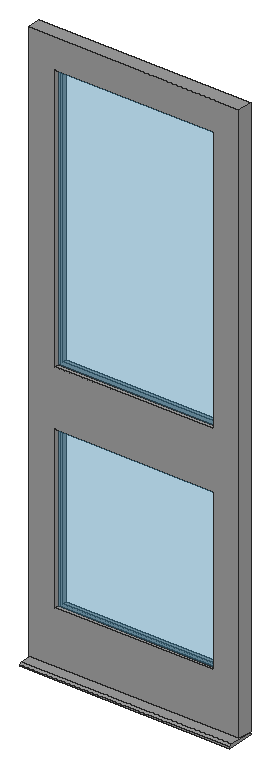
Revit family "MS-375TC DOOR-1-PD-SF_v05", category Curtain Panels, Revit 2015
Parameters
  Width [instance] = 3' - 2"
  URL = "obe.com\r\nobe.com"
  Rough Width [instance] = 3' - 0"
  Offset [instance] = 0' - 0"
  Model = "MS-375TC DOOR"
  Min-Max Rough Width [instance] = if(and((Rough Width > 2' 11 255/256"), (Rough Width < 3' 6 1/256")), Rough Width, 3' 0")  # 3' - 0"
  Manufacturer = "Oldcastle BuildingEnvelope®"
  Keynote = "08 11 00"
  Height [instance] = 8' - 0"
  Pushbar Height [instance] = 3' - 5 1/4"  # constant formula
  Glass Material = Glass
  Frame Material = Aluminum
  Door Panel Height [instance] = Height + 0' 0 19/32"  # 8' - 0 19/32"
  Description = "MS-375TC - 1\" Door Infill"
  Assembly Code = "B2030"
  Analytic Construction = "<None>"
  8 Muntin [instance] = not([4 Muntin])  # yes
  4 Muntin [instance] = no
  8 Bottom Rail [instance] = yes
  10 Bottom Rail [instance] = not([8 Bottom Rail])  # no
Reference planes (in)
  plane 1 "Front": y = 0
  plane 2: z = 0
  plane 3 "Center (Left/Right)": x = 0
  plane 4 "Left": x = -19
  plane 5 "Right": x = 19
  plane 6 "Top": z = 96
  plane 7: x = -18
  plane 8: x = 18
Text (in)
  text "Exterior" at (-54.29358, 31.38743, 0), in view "Ref. Level"
  text "Exterior" at (480, 41.53993, 89.60405), in view "Right"
  text "Exterior" at (-240, 57.82419, 105.78864), in view "Left"
Dimensions and locks (in)
  equal spacing: plane 4 "Left", plane 3 "Center (Left/Right)", plane 5 "Right"
  "Width": plane 4 "Left" to plane 5 "Right"
  "Height": plane 6 "Top" to plane 2
  equal spacing: plane 7, plane 3 "Center (Left/Right)", plane 8
  "Min-Max Rough Width": plane 7 to plane 8
  aligned and locked: level to plane 2
  aligned and locked: plane 3 "Center (Left/Right)" to nested 1
  aligned and locked: plane 1 "Front" to nested 1
Nested families (in)
  nested 1: "MS-375TC DOOR-1-PD-Panel_v04" at (0, -18, 0), Frame Material <- "Frame Material", Glass Material <- "Glass Material", 4 Muntin <- "4 Muntin", 8 Muntin <- "8 Muntin", 8 Bottom Rail <- "8 Bottom Rail", Height <- "Door Panel Height", Width <- "Min-Max Rough Width", Offset <- "Offset", type "MS-375TC DOOR-1-PD-Panel"
    with built-in parameter 1001301 3' - 0", Pushbar Height 3' - 5 1/4", Offset 0' - 0", built-in parameter 1001300 8' - 0 19/32", Glass at Muntin 0' - 8 9/16", Glass Material Glass, Frame Material Aluminum, Bottom Rail 0' - 8 29/32", 8 Muntin yes, 8 Bottom Rail yes, 4 Muntin no, 10 Bottom Rail no
Definition of nested family "MS-375TC DOOR-1-PD-Panel_v04"
  Parameters (values of type "MS-375TC DOOR-1-PD-Panel")
    Width [instance] = 3' - 0"
    Pushbar Height [instance] = 3' - 5 1/4"  # constant formula
    Offset [instance] = 0' - 0 7/8"
    Height [instance] = 8' - 0"
    Glass at Muntin [instance] = if([4 Muntin], 0' 4 9/16", 0' 8 9/16")  # 0' - 4 9/16"
    Glass Material [instance] = none
    Frame Material [instance] = none
    Bottom Rail [instance] = if([10 Bottom Rail], 0' 10 29/32", 0' 8 29/32")  # 0' - 8 29/32"
    Analytic Construction = "<None>"
    8 Muntin [instance] = not([4 Muntin])  # no
    4 Muntin [instance] = yes
    8 Bottom Rail [instance] = yes
    10 Bottom Rail [instance] = not([8 Bottom Rail])  # no
  Reference planes (in)
    plane 1 "00": y = 15.875
    plane 2: z = 0
    plane 3 "Center (Left/Right)": x = 0
    plane 4: z = 96
    plane 5: x = -18
    plane 6: x = 18
    plane 7 "Center (Front/Back)": y = 18
    plane 8 "Exterior": y = 16.375
    plane 9: z = 48
    plane 10: z = 92.96875
    plane 11: z = 90.94129
    plane 12: z = 8.90625
    plane 13: z = 38.96875
    plane 14: z = 43.53125
    plane 15: x = -13.81629
    plane 16: x = 13.81629
    plane 17: y = 17.125
    plane 18: z = 41.25
  Forms (in)
    Sweep 1, solid, material <- "Frame Material"
      path origin (0, 15.875, 0) x (1, 0, 0) y (0, 0, 1)
        loop
          line (-17.74884, 96) -> (17.74884, 96)
      profile origin (0, 15.875, 96) x (0, 0, 1) y (0, -1, 0)
        loop
          line (-0.59375, -1.12355) -> (-0.59375, 1.12745) -> (-5.46871, 1.12745) -> (-5.46871, 0.5) -> (-5.05871, 0.5) -> (-5.05871, -0.5) -> (-5.46871, -0.5) -> (-5.46871, -1.12355) -> (-0.59375, -1.12355)
    Sweep 2, solid, material <- "Frame Material"
      path origin (0, 15.875, 0) x (1, 0, 0) y (0, 0, 1)
        loop
          line (17.74884, 0) -> (-17.74884, 0)
      profile origin (0, 15.875, 0) x (0, 0, -1) y (0, -1, 0)
        loop
          line (-9.4375, -0.5) -> (-9.4375, -1.12355) -> (-0.68754, -1.12355) -> (-0.68754, 1.12745) -> (-9.4375, 1.12745) -> (-9.4375, 0.5) -> (-8.90625, 0.5) -> (-8.90625, -0.5) -> (-9.4375, -0.5)
        loop
          line (-0.5, -0.86664) -> (-0.24955, -1.36755) -> (-0.00001, -1.36755) -> (-0.00001, 3.13245) -> (-0.24955, 3.13245) -> (-0.5, 2.63155) -> (-0.5, -0.86664)
    Sweep 3, solid, material <- "Frame Material"
      path origin (0, 15.875, 0) x (1, 0, 0) y (0, 0, 1)
        loop
          line (18, 95.40625) -> (18, 0.68754)
      profile origin (18, 15.875, 48.0469) x (0, -1, 0) y (1, 0, 0)
        loop
          line (1.12745, -4.59371) -> (1.12745, -0.25116) -> (-1.12355, -0.09375) -> (-1.12355, -4.59371) -> (-0.5, -4.59371) -> (-0.5, -4.18371) -> (0.5, -4.18371) -> (0.5, -4.59371) -> (1.12745, -4.59371)
    Sweep 4, solid, material <- "Frame Material"
      path origin (0, 15.875, 0) x (1, 0, 0) y (0, 0, 1)
        loop
          line (-18, 95.40625) -> (-18, 0.68754)
      profile origin (-18, 15.875, 48.0469) x (0, -1, 0) y (1, 0, 0)
        loop
          line (-1.125, 0.09365) -> (1.12745, 0.25116) -> (1.12745, 4.59371) -> (0.5, 4.59371) -> (0.5, 4.18371) -> (-0.5, 4.18371) -> (-0.5, 4.59371) -> (-1.125, 4.59371) -> (-1.125, 0.09365)
    Sweep 5, solid, material <- "Frame Material"
      path origin (0, 15.875, 0) x (1, 0, 0) y (0, 0, 1)
        loop
          line (17.74884, 48) -> (-17.74884, 48)
      profile origin (0, 15.875, 48) x (0, 0, -1) y (0, -1, 0)
        loop
          line (9.43671, 1.12745) -> (3.93679, 1.12745) -> (3.93679, 0.5) -> (4.46875, 0.5) -> (4.46875, -0.5) -> (3.93679, -0.5) -> (3.93679, -1.12355) -> (9.43671, -1.12355) -> (9.43671, -0.5) -> (9.03125, -0.5) -> (9.03125, 0.5) -> (9.43671, 0.5) -> (9.43671, 1.12745)
    Extrusion 6, solid, material <- "Glass Material", detail levels coarse
      sketch origin (0, 0, 0) x (1, 0, 0) y (0, 1, 0)
        loop
          line (-13.81629, 16.375) -> (-13.81629, 15.375) -> (13.81629, 15.375) -> (13.81629, 16.375) -> (-13.81629, 16.375)
      from 43.53125 to 90.94129
    Extrusion 7, solid, material <- "Glass Material", detail levels medium+fine
      sketch origin (0, -3.25, 0) x (1, 0, 0) y (0, 1, 0)
        loop
          line (-13.81629, 18.625) -> (13.81629, 18.625) -> (13.81629, 18.873) -> (-13.81629, 18.873) -> (-13.81629, 18.625)
        loop
          line (13.81629, 19.625) -> (-13.81629, 19.625) -> (-13.81629, 19.377) -> (13.81629, 19.377) -> (13.81629, 19.625)
      from 43.53125 to 90.94129
    Extrusion 8, solid, material <- "Glass Material", detail levels coarse
      sketch origin (0, 0, 0) x (1, 0, 0) y (0, 1, 0)
        loop
          line (-13.81629, 16.375) -> (-13.81629, 15.375) -> (13.81629, 15.375) -> (13.81629, 16.375) -> (-13.81629, 16.375)
      from 8.90625 to 38.96875
    Extrusion 9, solid, material <- "Glass Material", detail levels medium+fine
      sketch origin (0, 0, 0) x (1, 0, 0) y (0, 1, 0)
        loop
          line (-13.81629, 16.375) -> (-13.81629, 16.127) -> (13.81629, 16.127) -> (13.81629, 16.375) -> (-13.81629, 16.375)
        loop
          line (-13.81629, 15.623) -> (-13.81629, 15.375) -> (13.81629, 15.375) -> (13.81629, 15.623) -> (-13.81629, 15.623)
      from 8.90625 to 38.96875
  Cuts and joins
    joined: Sweep 1, Sweep 2, Sweep 3, Sweep 4, Sweep 5
  Lines and regions (in)
    model lines
      curve 1: line (13.81629, 16.375, 90.94129) -> (-13.40629, 16.375, 48)
      curve 2: line (-13.40629, 16.375, 48) -> (13.81629, 16.375, 8.90625)
  Dimensions and locks (in)
    "Offset": plane 17 to plane 7 "Center (Front/Back)"
    plane 1 "00" to plane 8 "Exterior" to plane 17 = 0' - 0 1/2" locked, 0' - 0 3/4" locked
    equal spacing: level, plane 9, plane 4
    locked: plane 4 to plane 10 at 3.03125
    "Glass at Muntin": plane 13 to plane 14
    locked: plane 11 to plane 4 at 5.05871
    "Bottom Rail": plane 12 to plane 2
    "Height": plane 4 to plane 2
    Sweep 1 sketch curve to plane 11 = 0' - 0.41"  (x2)
    locked: plane 14 to Sweep 5 sketch curve at 0.53196  (x2)
    locked: Sweep 5 sketch curve to plane 13 at 0.40546  (x2)
    locked: plane 12 to Sweep 2 sketch curve at 0.53125  (x2)
    locked: plane 5 to plane 15 at 4.18371
    locked: plane 16 to plane 6 at 4.18371
    equal spacing: plane 5, plane 3 "Center (Left/Right)", plane 6
    "Width": plane 5 to plane 6
    equal spacing: plane 13, plane 18, plane 14
    "Pushbar Height": plane 2 to plane 18
    locked: plane 2 to Sweep 3 sketch curve at 0.68754
    locked: plane 2 to Sweep 4 sketch curve at 0.68754
    aligned and locked: plane 2 to level
    aligned and locked: Sweep 1 sketch curve to plane 4
    aligned and locked: Sweep 2 sketch curve to level
    aligned and locked: level to nested 2
    aligned and locked: nested 2 to plane 1 "00"
    aligned and locked: Sweep 5 sketch curve to plane 9
    aligned and locked: Extrusion 7 to plane 11
    aligned and locked: Extrusion 6 to plane 11
    aligned and locked: plane 14 to Extrusion 7
    aligned and locked: plane 14 to Extrusion 6
    aligned and locked: Extrusion 8 to plane 13
    aligned and locked: Extrusion 9 to plane 13
    aligned and locked: plane 12 to Extrusion 9
    aligned and locked: plane 12 to Extrusion 8
    aligned and locked: plane 9 to curve 1
    aligned and locked: plane 14 to Sweep 5 sketch curve
    aligned and locked: Sweep 5 sketch curve to plane 13
    aligned and locked: Sweep 4 sketch curve to plane 5
    aligned and locked: Sweep 3 sketch curve to plane 6
    aligned and locked: plane 1 "00" to nested 1
    aligned and locked: plane 3 "Center (Left/Right)" to nested 1
    aligned and locked: Extrusion 7 sketch curve to nested 1  (x6)
    aligned and locked: Extrusion 7 sketch curve to Extrusion 7 sketch curve
    aligned and locked: Extrusion 6 sketch curve to nested 1  (x2)
    aligned and locked: Extrusion 6 sketch curve to curve 2
    aligned and locked: nested 1 to Extrusion 6 sketch curve
    aligned and locked: Extrusion 9 sketch curve to Extrusion 9 sketch curve  (x2)
    aligned and locked: Extrusion 9 sketch curve to nested 1
    aligned and locked: Extrusion 8 sketch curve to nested 1  (x2)
    aligned and locked: nested 1 to Extrusion 8 sketch curve
    aligned and locked: Extrusion 8 sketch curve to curve 2
    aligned and locked: Extrusion 7 sketch curve to plane 8 "Exterior"
    aligned and locked: Sweep 4 sketch curve to nested 1  (x4)
    aligned and locked: Sweep 4 sketch curve to Sweep 4 sketch curve
    aligned and locked: cut or joined group of Sweep 1, Sweep 2, Sweep 3, Sweep 4, Sweep 5 to Sweep 4 sketch curve
    aligned and locked: Sweep 3 sketch curve to cut or joined group of Sweep 1, Sweep 2, Sweep 3, Sweep 4, Sweep 5
    aligned and locked: Sweep 3 sketch curve to nested 1  (x5)
    aligned and locked: curve 2 to Sweep 3 sketch curve
    aligned and locked: Sweep 3 sketch curve to Sweep 3 sketch curve
    aligned and locked: Extrusion 9 sketch curve to plane 15
  Automatic sketch dimensions
    plane 1 "00" to Sweep 2 sketch curve = 0' - 1.12745"
    profile plane to Sweep 2 sketch curve = 0' - 0.24955"
    Sweep 2 sketch curve to Sweep 2 sketch curve = 0' - 0.62745"
    Sweep 2 sketch curve to plane 1 "00" = 0' - 0 1/2"
    Sweep 2 sketch curve to plane 1 "00" = 0' - 1.12355"
    Sweep 2 sketch curve to Sweep 2 sketch curve = 0' - 0.50091"  (x2)
    Sweep 2 sketch curve to Sweep 2 sketch curve = 0' - 1.50409"
    Sweep 2 sketch curve to Sweep 2 sketch curve = 0' - 0 17/32"
    profile plane to Sweep 2 sketch curve = 0' - 0 1/2"
    Sweep 2 sketch curve to Sweep 2 sketch curve = 0' - 0.24954"
    profile plane to Sweep 2 sketch curve = 0' - 0"
    Sweep 5 sketch curve to plane 1 "00" = 0' - 1.12355"
    Sweep 5 sketch curve to plane 1 "00" = 0' - 0 1/2"  (x2)
    plane 1 "00" to Sweep 5 sketch curve = 0' - 0 1/2"  (x2)
    Sweep 5 sketch curve to Sweep 5 sketch curve = 0' - 0.62745"
    Sweep 1 sketch curve to Sweep 1 sketch curve = 0' - 0.41"
    profile plane to Sweep 1 sketch curve = 0' - 0 19/32"
    Sweep 1 sketch curve to plane 1 "00" = 0' - 1.12355"
    Sweep 1 sketch curve to plane 1 "00" = 0' - 0 1/2"
    plane 1 "00" to Sweep 1 sketch curve = 0' - 0 1/2"
    Sweep 1 sketch curve to Sweep 1 sketch curve = 0' - 0.62745"
    Sweep 2 sketch curve to Sweep 2 sketch curve = 0' - 0.18754"
    Sweep 2 sketch curve to Sweep 2 sketch curve = 0' - 0.244"
    plane 8 "Exterior" to Extrusion 9 sketch curve = 0' - 0"
    Extrusion 9 sketch curve to Extrusion 9 sketch curve = 0' - 0.248"  (x2)
    plane 1 "00" to Extrusion 9 sketch curve = 0' - 0.252"
    plane 1 "00" to Sweep 4 sketch curve = 0' - 0 1/2"
    Sweep 4 sketch curve to plane 1 "00" = 0' - 0 1/2"
    Sweep 4 sketch curve to profile plane = 0' - 0.09365"
    plane 5 to Sweep 2 sketch curve = 0' - 0.25116"
    plane 5 to Sweep 5 sketch curve = 0' - 0.25116"
    plane 5 to Sweep 1 sketch curve = 0' - 0.25116"
    Sweep 2 sketch curve to plane 6 = 0' - 0.25116"
    Sweep 1 sketch curve to plane 6 = 0' - 0.25116"
    Sweep 5 sketch curve to plane 6 = 0' - 0.25116"
    plane 1 "00" to Sweep 3 sketch curve = 0' - 0 1/2"
    profile plane to Sweep 3 sketch curve = 0' - 0 3/32"
    curve 2 to plane 12 = 0' - 0"
    curve 2 to plane 16 = 0' - 0"
    curve 1 to plane 11 = 0' - 0"
    curve 1 to plane 16 = 0' - 0"
    plane 15 to curve 2 = 0' - 0.41"
  Nested families (in)
    nested 1: "MS-375TC DOOR-1-PD-Plan View_v03" at (0, 15.875, 0), Width <- "Width", type "MS-375TC DOOR-1-PD-Plan View_v03"
      with Width 3' - 0"
    nested 2: "MS-375TC DOOR-1-PD-Section_v02" at (0, 15.875, 0) x (0, -1, 0) z (1, 0, 0), Height <- "Height", 4 Muntin <- "4 Muntin", 8 Muntin <- "8 Muntin", 8 Bottom Rail <- "8 Bottom Rail", type "MS-375TC DOOR-1-PD-Section_v02"
      with Pushbar Height 3' - 5 1/4", Height 8' - 0", Glass at Muntins 0' - 4 9/16", Bottom Rail 0' - 8 29/32", 8 Muntin no, 8 Bottom Rail yes, 4 Muntin yes, 10 Bottom Rail no
  Definition of nested family "MS-375TC DOOR-1-PD-Plan View_v03"
    Parameters (values of type "MS-375TC DOOR-1-PD-Plan View_v03")
      Width [instance] = 3' - 6"
    Reference planes (in)
      plane 1 "Center (Front/Back)": y = 0
      plane 2: z = 0
      plane 3 "Center (Left/Right)": x = 0
      plane 4: x = -21
      plane 5: x = 21
      plane 6: x = 19.4077
      plane 7: y = 43.5
      plane 8: x = 20.90625
      plane 9: y = 1.5
    Lines and regions (in)
      detail lines, in view "Ref. Level"
        curve 1: line (19.9077, 39.31629, 0) -> (19.9077, 5.58996, 0)
        curve 5: line (18.9077, 39.31629, 0) -> (18.9077, 5.58996, 0)
        curve 11: arc (-20.90625, 1.12355, 0) -> (-8.92534, 30.80023, 0) -> (20.53125, 43.31251, 0) r 41.81419
      detail lines, in view "Ref. Level", detail levels fine
        curve 2: line (19.8457, 39.31629, 0) -> (19.8457, 5.58996, 0)
        curve 3: line (19.7837, 39.31629, 0) -> (19.7837, 5.58996, 0)
        curve 4: line (19.7217, 39.31629, 0) -> (19.7217, 5.58996, 0)
        curve 6: line (19.0937, 39.31629, 0) -> (19.0937, 5.58996, 0)
        curve 7: line (19.0317, 39.31629, 0) -> (19.0317, 5.58996, 0)
        curve 8: line (18.9697, 39.31629, 0) -> (18.9697, 5.58996, 0)
      detail lines, in view "Ref. Level", detail levels medium+fine
        curve 9: line (19.6597, 39.31629, 0) -> (19.6597, 5.58996, 0)
        curve 10: line (19.1557, 39.31629, 0) -> (19.1557, 5.58996, 0)
      detail lines, in view "Ref. Level", not visible
        curve 12: line (-16.81629, 0.5, 0) -> (16.81629, 0.5, 0)
        curve 21: line (-16.81629, -0.5, 0) -> (16.81629, -0.5, 0)
      detail lines, in view "Ref. Level", not visible, detail levels fine
        curve 13: line (-16.81629, 0.438, 0) -> (16.81629, 0.438, 0)
        curve 14: line (-16.81629, 0.376, 0) -> (16.81629, 0.376, 0)
        curve 15: line (-16.81629, 0.314, 0) -> (16.81629, 0.314, 0)
        curve 18: line (-16.81629, -0.314, 0) -> (16.81629, -0.314, 0)
        curve 19: line (-16.81629, -0.438, 0) -> (16.81629, -0.438, 0)
        curve 20: line (-16.81629, -0.376, 0) -> (16.81629, -0.376, 0)
      detail lines, in view "Ref. Level", not visible, detail levels medium+fine
        curve 16: line (-16.81629, 0.252, 0) -> (16.81629, 0.252, 0)
        curve 17: line (-16.81629, -0.252, 0) -> (16.81629, -0.252, 0)
    Dimensions and locks (in)
      locked: nested 1 to plane 4 at 2.50025
      equal spacing: plane 4, plane 3 "Center (Left/Right)", plane 5
      "Width": plane 4 to plane 5
      "Width": plane 9 to plane 7
      locked: plane 7 to nested 2 at 2.50025
      locked: plane 8 to plane 5 at 0.09375
      plane 6 to plane 5 to nested 3 = 0' - 1.5923" locked, 0' - 2.50025" locked
      locked: nested 4 to plane 1 "Center (Front/Back)" at 1.094
      locked: plane 1 "Center (Front/Back)" to plane 9 at 1.5
      nested 2 to plane 7 = 0' - 0 3/32"
      locked: plane 4 to curve 11 at 0.09375
      aligned and locked: nested 1 to plane 1 "Center (Front/Back)"
      aligned and locked: plane 6 to nested 2
      aligned and locked: nested 3 to plane 1 "Center (Front/Back)"
      aligned and locked: plane 8 to nested 3
      aligned and locked: plane 9 to nested 4
      aligned and locked: plane 6 to nested 4
      aligned and locked: curve 11 to nested 1
      aligned and locked: nested 2 to curve 11
      aligned and locked: plane 9 to curve 11
      aligned and locked: plane 8 to curve 11
      aligned and locked: curve 12 to nested 1  (x2)
      aligned and locked: curve 12 to nested 3
      aligned and locked: curve 1 to nested 2
    Automatic sketch dimensions
      plane 1 "Center (Front/Back)" to curve 17 = 0' - 0.252"
      curve 17 to curve 12 = 0' - 0"  (x2)
      curve 16 to curve 12 = 0' - 0"
      curve 18 to curve 17 = 0' - 0"  (x2)
      curve 15 to curve 16 = 0' - 0"
      curve 19 to curve 18 = 0' - 0"  (x2)
      curve 14 to curve 15 = 0' - 0"  (x2)
      curve 20 to curve 19 = 0' - 0"  (x2)
      curve 13 to curve 14 = 0' - 0"  (x2)
      curve 21 to curve 19 = 0' - 0"  (x2)
      curve 15 to curve 12 = 0' - 0"
      curve 16 to curve 15 = 0' - 0"
      curve 5 to plane 6 = 0' - 0 1/2"
      curve 5 to curve 8 = 0' - 0.062"
      curve 8 to curve 7 = 0' - 0.062"
      curve 7 to curve 6 = 0' - 0.062"
      curve 6 to curve 10 = 0' - 0.062"
      plane 6 to curve 9 = 0' - 0.252"
      curve 9 to curve 4 = 0' - 0.062"
      curve 4 to curve 3 = 0' - 0.062"
      curve 3 to curve 2 = 0' - 0.062"
      curve 2 to curve 1 = 0' - 0.062"
      curve 13 to curve 12 = 0' - 0.062"
      curve 14 to curve 13 = 0' - 0.062"
      curve 15 to curve 14 = 0' - 0.062"
      curve 16 to curve 15 = 0' - 0.062"
      curve 18 to curve 17 = 0' - 0.062"
      curve 20 to curve 18 = 0' - 0.062"
      curve 19 to curve 20 = 0' - 0.062"
      curve 21 to curve 19 = 0' - 0.062"
      curve 1 to plane 9 = 0' - 4.08996"
      curve 10 to curve 1 = 0' - 0"
      curve 3 to curve 1 = 0' - 0"
      curve 9 to curve 3 = 0' - 0"
      curve 4 to curve 3 = 0' - 0"  (x2)
      curve 8 to curve 10 = 0' - 0"  (x2)
      curve 5 to curve 8 = 0' - 0"  (x2)
      curve 8 to curve 7 = 0' - 0"  (x2)
      curve 2 to curve 1 = 0' - 0"  (x2)
      curve 7 to curve 6 = 0' - 0"  (x2)
      curve 8 to curve 1 = 0' - 0"
      curve 9 to curve 1 = 0' - 0"
      curve 9 to curve 4 = 0' - 0"
    Nested families (in)
      nested 1: "HINGE-PD-DI" at (-23.50025, 0, 0), type "HINGE-PD-DI", in view "Ref. Level", not visible
      nested 2: "HINGE-PD-DI" at (19.4077, 46.00025, 0) x (0, -1, 0) z (0, 0, 1), type "HINGE-PD-DI", in view "Ref. Level"
      nested 3: "HINGE-PD-DI" at (23.50025, 0, 0) x (-1, 0, 0) z (0, 0, 1), type "HINGE-PD-DI", in view "Ref. Level", not visible
      nested 4: "HINGE-PD-DI" at (19.4077, -1.094, 0) x (0, 1, 0) z (0, 0, 1), type "HINGE-PD-DI", in view "Ref. Level"
    Definition of nested family "HINGE-PD-DI"
      Reference planes (in)
        plane 1 "Center (Front/Back)": y = 0
        plane 2: z = 0
        plane 3 "Center (Left/Right)": x = 0
      Lines and regions (in)
        detail lines, in view "Ref. Level"
          curve 1: line (7.09396, -1.12355, 0) -> (7.09396, -0.5, 0)
          curve 2: line (7.09396, -0.5, 0) -> (6.68396, -0.5, 0)
          curve 3: line (6.68396, -0.5, 0) -> (6.68396, 0.5, 0)
          curve 4: line (6.68396, 0.5, 0) -> (7.09396, 0.5, 0)
          curve 5: line (7.09396, 0.5, 0) -> (7.09396, 1.12745, 0)
          curve 6: line (7.09396, 1.12745, 0) -> (2.75141, 1.12745, 0)
          curve 7: line (2.75141, 1.12745, 0) -> (2.594, -1.12355, 0)
          curve 8: line (2.594, -1.12355, 0) -> (7.09396, -1.12355, 0)
  Definition of nested family "MS-375TC DOOR-1-PD-Section_v02"
    Parameters (values of type "MS-375TC DOOR-1-PD-Section_v02")
      Pushbar Height [instance] = 3' - 5 1/4"  # constant formula
      Height [instance] = 8' - 0"
      Glass at Muntins [instance] = if([4 Muntin], 0' 4 9/16", 0' 8 9/16")  # 0' - 4 9/16"
      Bottom Rail [instance] = if([10 Bottom Rail], 0' 10 29/32", 0' 8 29/32")  # 0' - 10 29/32"
      8 Muntin [instance] = not([4 Muntin])  # no
      8 Bottom Rail [instance] = no
      4 Muntin [instance] = yes
      10 Bottom Rail [instance] = not([8 Bottom Rail])  # yes
    Reference planes (in)
      plane 1 "Center (Front/Back)": y = 0
      plane 2: z = 0
      plane 3 "Center (Left/Right)": x = 0
      plane 4: y = 90.94129
      plane 5: y = 43.53125
      plane 6: y = 38.96875
      plane 7: y = 44.06321
      plane 8: y = 96
      plane 9: y = 10.90625
      plane 10: y = 41.25
    Lines and regions (in)
      detail lines, in view "Ref. Level"
        curve 1: line (-0.5, 38.96875, 0) -> (-0.5, 10.90625, 0)
        curve 10: line (0.5, 38.96875, 0) -> (0.5, 10.90625, 0)
        curve 11: line (-0.5, 90.94129, 0) -> (-0.5, 43.53125, 0)
        curve 20: line (0.5, 90.94129, 0) -> (0.5, 43.53125, 0)
      detail lines, in view "Ref. Level", detail levels fine
        curve 2: line (-0.438, 38.96875, 0) -> (-0.438, 10.90625, 0)
        curve 3: line (-0.376, 38.96875, 0) -> (-0.376, 10.90625, 0)
        curve 4: line (-0.314, 38.96875, 0) -> (-0.314, 10.90625, 0)
        curve 7: line (0.314, 38.96875, 0) -> (0.314, 10.90625, 0)
        curve 8: line (0.376, 38.96875, 0) -> (0.376, 10.90625, 0)
        curve 9: line (0.438, 38.96875, 0) -> (0.438, 10.90625, 0)
        curve 12: line (-0.438, 90.94129, 0) -> (-0.438, 43.53125, 0)
        curve 13: line (-0.376, 90.94129, 0) -> (-0.376, 43.53125, 0)
        curve 14: line (-0.314, 90.94129, 0) -> (-0.314, 43.53125, 0)
        curve 17: line (0.314, 90.94129, 0) -> (0.314, 43.53125, 0)
        curve 18: line (0.376, 90.94129, 0) -> (0.376, 43.53125, 0)
        curve 19: line (0.438, 90.94129, 0) -> (0.438, 43.53125, 0)
      detail lines, in view "Ref. Level", detail levels medium+fine
        curve 5: line (-0.252, 38.96875, 0) -> (-0.252, 10.90625, 0)
        curve 6: line (0.252, 38.96875, 0) -> (0.252, 10.90625, 0)
        curve 15: line (-0.252, 90.94129, 0) -> (-0.252, 43.53125, 0)
        curve 16: line (0.252, 90.94129, 0) -> (0.252, 43.53125, 0)
    Dimensions and locks (in)
      locked: plane 5 to plane 7 at 0.53196
      nested 1 to plane 8 to plane 4 = 0' - 3 5/32" locked, 0' - 5.05871" locked
      "Height": plane 1 "Center (Front/Back)" to plane 8
      "Glass at Muntins": plane 6 to plane 5
      "Bottom Rail": plane 1 "Center (Front/Back)" to plane 9
      equal spacing: plane 6, plane 10, plane 5
      "Pushbar Height": plane 1 "Center (Front/Back)" to plane 10
      aligned and locked: plane 3 "Center (Left/Right)" to nested 2
      aligned and locked: plane 3 "Center (Left/Right)" to nested 3
      aligned and locked: plane 7 to nested 4
      aligned and locked: plane 3 "Center (Left/Right)" to nested 4
      aligned and locked: plane 7 to nested 5
      aligned and locked: plane 3 "Center (Left/Right)" to nested 5
      aligned and locked: plane 6 to curve 1
      aligned and locked: plane 6 to curve 2
      aligned and locked: plane 6 to curve 3
      aligned and locked: plane 6 to curve 4
      aligned and locked: plane 6 to curve 5
      aligned and locked: plane 6 to curve 10
      aligned and locked: plane 6 to curve 8
      aligned and locked: plane 6 to curve 9
      aligned and locked: plane 6 to curve 7
      aligned and locked: plane 6 to curve 6
      aligned and locked: plane 5 to curve 11
      aligned and locked: plane 5 to curve 12
      aligned and locked: plane 5 to curve 13
      aligned and locked: plane 5 to curve 14
      aligned and locked: plane 5 to curve 15
      aligned and locked: plane 5 to curve 16
      aligned and locked: plane 5 to curve 17
      aligned and locked: plane 5 to curve 18
      aligned and locked: plane 5 to curve 19
      aligned and locked: plane 5 to curve 20
      aligned and locked: plane 4 to curve 11
      aligned and locked: plane 4 to curve 12
      aligned and locked: plane 4 to curve 13
      aligned and locked: plane 4 to curve 14
      aligned and locked: plane 4 to curve 15
      aligned and locked: plane 4 to curve 16
      aligned and locked: plane 4 to curve 17
      aligned and locked: plane 4 to curve 18
      aligned and locked: plane 4 to curve 19
      aligned and locked: plane 4 to curve 20
      aligned and locked: plane 9 to curve 1
      aligned and locked: plane 9 to curve 2
      aligned and locked: plane 9 to curve 3
      aligned and locked: plane 9 to curve 4
      aligned and locked: plane 9 to curve 5
      aligned and locked: plane 9 to curve 6
      aligned and locked: plane 9 to curve 7
      aligned and locked: plane 9 to curve 8
      aligned and locked: plane 9 to curve 9
      aligned and locked: plane 9 to curve 10
      aligned and locked: plane 3 "Center (Left/Right)" to nested 1
    Automatic sketch dimensions
      curve 1 to plane 3 "Center (Left/Right)" = 0' - 0 1/2"
      curve 11 to plane 3 "Center (Left/Right)" = 0' - 0 1/2"
      curve 1 to curve 2 = 0' - 0.062"
      curve 11 to curve 12 = 0' - 0.062"
      curve 2 to curve 3 = 0' - 0.062"
      curve 12 to curve 13 = 0' - 0.062"
      curve 13 to curve 14 = 0' - 0.062"
      curve 3 to curve 4 = 0' - 0.062"
      curve 14 to curve 15 = 0' - 0.062"
      curve 4 to curve 5 = 0' - 0.062"
      plane 3 "Center (Left/Right)" to curve 6 = 0' - 0.252"
      plane 3 "Center (Left/Right)" to curve 16 = 0' - 0.252"
      curve 6 to curve 7 = 0' - 0.062"
      curve 16 to curve 17 = 0' - 0.062"
      curve 17 to curve 18 = 0' - 0.062"
      curve 7 to curve 8 = 0' - 0.062"
      curve 8 to curve 9 = 0' - 0.062"
      curve 18 to curve 19 = 0' - 0.062"
      curve 19 to curve 20 = 0' - 0.062"
      curve 9 to curve 10 = 0' - 0.062"
    Nested families (in)
      nested 1: "TOP RAIL PD" at (0, 99.15625, 0), type "TOP RAIL-DI", in view "Ref. Level"
      nested 2: "8 BOTTOM RAIL" at (0, 9.4375, 0), visible <- "8 Bottom Rail", type "8 BOTTOM RAIL", in view "Ref. Level"
      nested 3: "10 BOTTOM RAIL" at (0, 11.4375, 0), visible <- "10 Bottom Rail", type "10 BOTTOM RAIL", in view "Ref. Level"
      nested 4: "4 MUNTIN" at (0, 44.06321, 0), visible <- "4 Muntin", type "4 MUNTIN-DI", in view "Ref. Level"
      nested 5: "8 MUNTIN" at (0, 44.06321, 0), visible <- "8 Muntin", type "8 MUNTIN-DI", in view "Ref. Level"
    Definition of nested family "TOP RAIL PD"
      Reference planes (in)
        plane 1 "Center (Front/Back)": y = 0
        plane 2: z = 0
        plane 3 "Center (Left/Right)": x = 0
      Lines and regions (in)
        detail lines, in view "Ref. Level"
          curve 1: line (1.12745, -8.62496, 0) -> (1.12745, -3.875, 0)
          curve 2: line (1.12745, -3.875, 0) -> (-1.12355, -3.875, 0)
          curve 3: line (-1.12355, -3.875, 0) -> (-1.12355, -8.62496, 0)
          curve 4: line (-1.12355, -8.62496, 0) -> (-0.5, -8.62496, 0)
          curve 5: line (-0.5, -8.62496, 0) -> (-0.5, -8.21496, 0)
          curve 6: line (-0.5, -8.21496, 0) -> (0.5, -8.21496, 0)
          curve 7: line (0.5, -8.21496, 0) -> (0.5, -8.62496, 0)
          curve 8: line (0.5, -8.62496, 0) -> (1.12745, -8.62496, 0)
    Definition of nested family "8 BOTTOM RAIL"
      Reference planes (in)
        plane 1 "Center (Front/Back)": y = 0
        plane 2: z = 0
        plane 3 "Center (Left/Right)": x = 0
      Lines and regions (in)
        detail lines, in view "Ref. Level"
          curve 1: line (1.12745, -8.74996, 0) -> (1.12745, 0, 0)
          curve 2: line (1.12745, 0, 0) -> (0.5, 0, 0)
          curve 3: line (0.5, 0, 0) -> (0.5, -0.53196, 0)
          curve 4: line (0.5, -0.53196, 0) -> (-0.5, -0.53196, 0)
          curve 5: line (-0.5, -0.53196, 0) -> (-0.5, 0, 0)
          curve 6: line (-0.5, 0, 0) -> (-1.12355, 0, 0)
          curve 7: line (-1.12355, 0, 0) -> (-1.12355, -8.74996, 0)
          curve 8: line (-1.12355, -8.74996, 0) -> (1.12745, -8.74996, 0)
          curve 9: line (-1.36755, -9.43796, 0) -> (3.13245, -9.43796, 0)
          curve 10: line (3.13245, -9.43796, 0) -> (3.13245, -9.18795, 0)
          curve 11: line (3.13245, -9.18795, 0) -> (2.63246, -8.93796, 0)
          curve 12: line (2.63246, -8.93796, 0) -> (-0.86756, -8.93796, 0)
          curve 13: line (-0.86756, -8.93796, 0) -> (-1.36755, -9.18795, 0)
          curve 14: line (-1.36755, -9.18795, 0) -> (-1.36755, -9.43796, 0)
    Definition of nested family "10 BOTTOM RAIL"
      Reference planes (in)
        plane 1 "Center (Front/Back)": y = 0
        plane 2: z = 0
        plane 3 "Center (Left/Right)": x = 0
      Lines and regions (in)
        detail lines, in view "Ref. Level"
          curve 1: line (1.12745, -10.74996, 0) -> (1.12745, 0, 0)
          curve 2: line (1.12745, 0, 0) -> (0.5, 0, 0)
          curve 3: line (0.5, 0, 0) -> (0.5, -0.53196, 0)
          curve 4: line (0.5, -0.53196, 0) -> (-0.5, -0.53196, 0)
          curve 5: line (-0.5, -0.53196, 0) -> (-0.5, 0, 0)
          curve 6: line (-0.5, 0, 0) -> (-1.12355, 0, 0)
          curve 7: line (-1.12355, 0, 0) -> (-1.12355, -10.74996, 0)
          curve 8: line (-1.12355, -10.74996, 0) -> (1.12745, -10.74996, 0)
          curve 9: line (-1.36755, -11.18795, 0) -> (-1.36755, -11.43796, 0)
          curve 10: line (-1.36755, -11.43796, 0) -> (3.13245, -11.43796, 0)
          curve 11: line (3.13245, -11.43796, 0) -> (3.13245, -11.18795, 0)
          curve 12: line (3.13245, -11.18795, 0) -> (2.63246, -10.93796, 0)
          curve 13: line (2.63246, -10.93796, 0) -> (-0.86756, -10.93796, 0)
          curve 14: line (-0.86756, -10.93796, 0) -> (-1.36755, -11.18795, 0)
    Definition of nested family "4 MUNTIN"
      Reference planes (in)
        plane 1 "Center (Front/Back)": y = 0
        plane 2: z = 0
        plane 3 "Center (Left/Right)": x = 0
      Lines and regions (in)
        detail lines, in view "Ref. Level"
          curve 1: line (1.12745, -5.49992, 0) -> (1.12745, 0, 0)
          curve 2: line (1.12745, 0, 0) -> (0.5, 0, 0)
          curve 3: line (0.5, 0, 0) -> (0.5, -0.53196, 0)
          curve 4: line (0.5, -0.53196, 0) -> (-0.5, -0.53196, 0)
          curve 5: line (-0.5, -0.53196, 0) -> (-0.5, 0, 0)
          curve 6: line (-0.5, 0, 0) -> (-1.12355, 0, 0)
          curve 7: line (-1.12355, 0, 0) -> (-1.12355, -5.49992, 0)
          curve 8: line (-1.12355, -5.49992, 0) -> (-0.5, -5.49992, 0)
          curve 9: line (-0.5, -5.49992, 0) -> (-0.5, -5.08992, 0)
          curve 10: line (-0.5, -5.08992, 0) -> (0.5, -5.08992, 0)
          curve 11: line (0.5, -5.08992, 0) -> (0.5, -5.49992, 0)
          curve 12: line (0.5, -5.49992, 0) -> (1.12745, -5.49992, 0)
    Definition of nested family "8 MUNTIN"
      Reference planes (in)
        plane 1 "Center (Front/Back)": y = 0
        plane 2: z = 0
        plane 3 "Center (Left/Right)": x = 0
      Lines and regions (in)
        detail lines, in view "Ref. Level"
          curve 1: line (1.12745, -9.49992, 0) -> (1.12745, 0, 0)
          curve 2: line (1.12745, 0, 0) -> (0.5, 0, 0)
          curve 3: line (0.5, 0, 0) -> (0.5, -0.53196, 0)
          curve 4: line (0.5, -0.53196, 0) -> (-0.5, -0.53196, 0)
          curve 5: line (-0.5, -0.53196, 0) -> (-0.5, 0, 0)
          curve 6: line (-0.5, 0, 0) -> (-1.12355, 0, 0)
          curve 7: line (-1.12355, 0, 0) -> (-1.12355, -9.49992, 0)
          curve 8: line (-1.12355, -9.49992, 0) -> (-0.5, -9.49992, 0)
          curve 9: line (-0.5, -9.49992, 0) -> (-0.5, -9.08992, 0)
          curve 10: line (-0.5, -9.08992, 0) -> (0.5, -9.08992, 0)
          curve 11: line (0.5, -9.08992, 0) -> (0.5, -9.49992, 0)
          curve 12: line (0.5, -9.49992, 0) -> (1.12745, -9.49992, 0)
